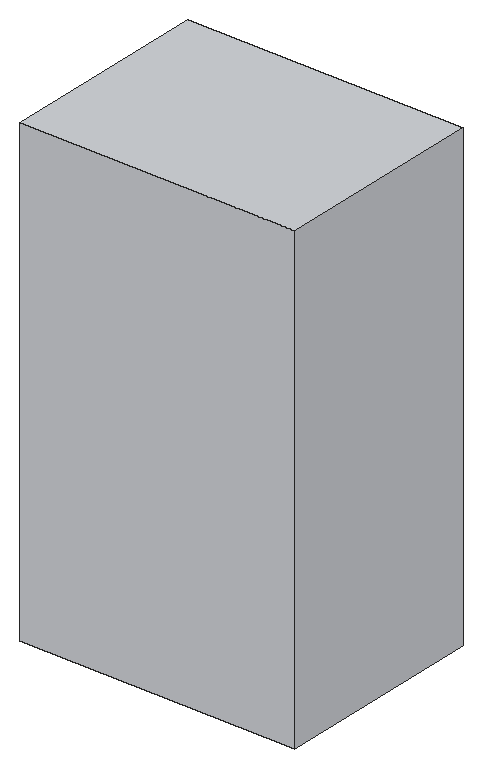
Revit family
Parameters
  Warranty Duration (Years) = 0
  Unit Width [instance] = 1' - 0"
  Unit Height [instance] = 1' - 4"
  Unit Depth = 0' - 0 5/8"
  URL = "http://www.americanspecialties.com/viewCategories.cfm"
  Trim Material = Mirror
  Test Data = ""
  Specification = "http://www.arcat.com/sdspecs/htm/10810asi.htm"
  SpecWizard = ""
  Hardware = Metal - Stainless Steel w/satin
  Send Message = "http://www.arcat.com/users.pl?action=UserEmail&company=American%20Specialties,%20Inc.&coid=30448&rep=139&fax=914-476-0688&mf="
  Sales Information = "http://www.americanspecialties.com/contact"
  Revision = "R1_10-2010"
  Mirror Radius = 0' - 0 1/32"
  Product Properties = "http://www.americanspecialties.com/datasheets/105.pdf"
  Product Data = "http://www.arcat.com/arcatcos/cos30/arc30448.html"
  Model = "As Specified in 10 28 13"
  Manufacturer Website = "http://www.americanspecialties.com/viewCategories.cfm"
  Manufacturer Phone - Toll Free = ""
  Manufacturer Phone = "914-476-9000 "
  Manufacturer Fax = "914-476-0688"
  Manufacturer Address = "441 Saw Mill River Rd., Yonkers, NY 10701"
  Manufacturer = "American Specialties, Inc."
  Maintenance Schedule (Months) = 0
  Keynote = "10 28 13"
  Installation-Fabrication = "http://www.americanspecialties.com/products.cfm"
  Green Building-LEED = ""
  Frame radius = 0' - 0 1/32"
  Expected Lifespan (Years) = 0
  Drawn By = "Robert S. Weygant. CSI, CDT, SCIP"  # constant formula
  Description = "Toilet Accessory as Specified in 10 28 13"
  Default Elevation = 4' - 0"
  Copyright = "©Arcat Inc."
  Construction Details = "http://www.arcat.com/green/clients/leed_data_30448.html"
  Building Codes = "http://www.americanspecialties.com/products.cfm"
  Body Material = Metal - Stainless Steel w/satin
  Assembly Code = "C1030210"
Reference planes (in)
  plane 1 "Center (Front/Back)": y = 2.48383
  plane 2 "Floor Line": z = 0
  plane 3 "Center (Left/Right)": x = -0.65843
  plane 4: z = 56
  plane 5: x = -6.65843
  plane 6: x = 5.34157
  plane 7: z = 48
  plane 8: z = 64
  plane 9: y = 10.48383
  plane 10: y = 9.23383
  plane 11: y = -4.26617
  plane 12: y = -5.51617
  plane 13: x = -5.40843
  plane 14: x = 4.09157
  plane 15: z = 0.59375
  plane 16: z = 0.625
  plane 17: z = 0.29687
Forms (in)
  Extrusion 1, solid
    sketch origin (-3, -9, -5.375) x (0, 0, -1) y (1, 0, 0)
      loop
        line (-82, 26) -> (-82, -19.34712) -> (-5.375, -19.34712) -> (-5.375, 26) -> (-82, 26)
    from 9 to -25.60721
  Extrusion 2, solid, material "Metal - Stainless Steel w/satin" <- "Body Material"
    sketch origin (0, 0, 0) x (1, 0, 0) y (0, 1, 0)
      loop
        arc (-6.62718, 10.48383) -> (-6.64928, 10.47467) -> (-6.65843, 10.45258) r 0.03125
        line (-6.65843, 10.45258) -> (-6.65843, -5.48492)
        arc (-6.65843, -5.48492) -> (-6.64928, -5.50702) -> (-6.62718, -5.51617) r 0.03125
        line (-6.62718, -5.51617) -> (5.31032, -5.51617)
        arc (5.31032, -5.51617) -> (5.33241, -5.50702) -> (5.34157, -5.48492) r 0.03125
        line (5.34157, -5.48492) -> (5.34157, 10.45258)
        arc (5.34157, 10.45258) -> (5.33241, 10.47467) -> (5.31032, 10.48383) r 0.03125
        line (5.31032, 10.48383) -> (-6.62718, 10.48383)
    from 0 to 0.59375
  Extrusion 3, void
    sketch origin (0, 0, 0) x (1, 0, 0) y (0, 1, 0)
      loop
        arc (-5.37718, 9.23383) -> (-5.39928, 9.22467) -> (-5.40843, 9.20258) r 0.03125
        line (-5.40843, 9.20258) -> (-5.40843, -4.23492)
        arc (-5.40843, -4.23492) -> (-5.39928, -4.25702) -> (-5.37718, -4.26617) r 0.03125
        line (-5.37718, -4.26617) -> (4.06032, -4.26617)
        arc (4.06032, -4.26617) -> (4.08241, -4.25702) -> (4.09157, -4.23492) r 0.03125
        line (4.09157, -4.23492) -> (4.09157, 9.20258)
        arc (4.09157, 9.20258) -> (4.08241, 9.22467) -> (4.06032, 9.23383) r 0.03125
        line (4.06032, 9.23383) -> (-5.37718, 9.23383)
    from 0 to 1.55257
  Extrusion 4, solid, material "Mirror" <- "Trim Material"
    sketch origin (0, 0, 0) x (1, 0, 0) y (0, 1, 0)
      loop
        arc (-5.37718, 9.23383) -> (-5.39928, 9.22467) -> (-5.40843, 9.20258) r 0.03125
        line (-5.40843, 9.20258) -> (-5.40843, -4.23492)
        arc (-5.40843, -4.23492) -> (-5.39928, -4.25702) -> (-5.37718, -4.26617) r 0.03125
        line (-5.37718, -4.26617) -> (4.06032, -4.26617)
        arc (4.06032, -4.26617) -> (4.08241, -4.25702) -> (4.09157, -4.23492) r 0.03125
        line (4.09157, -4.23492) -> (4.09157, 9.20258)
        arc (4.09157, 9.20258) -> (4.08241, 9.22467) -> (4.06032, 9.23383) r 0.03125
        line (4.06032, 9.23383) -> (-5.37718, 9.23383)
    from 0 to 0.29687
  Extrusion 5, solid, material "Metal - Stainless Steel w/satin" <- "Hardware"
    sketch origin (0, 0, 0) x (1, 0, 0) y (0, 1, 0)
      loop
        circle (-0.65843, 9.85883) r 0.25
      loop
        circle (-6.01747, -1.51617) r 0.25
      loop
        circle (-6.01747, 6.48383) r 0.25
      loop
        circle (4.70061, -1.51617) r 0.25
      loop
        circle (4.70061, 6.48383) r 0.25
      loop
        circle (-0.65843, -4.89117) r 0.25
    from 0.59375 to 0.625
Cuts and joins
  Extrusion 3 cuts Extrusion 2
Dimensions and locks (in)
  equal spacing: plane 8, plane 4, plane 7
  "Unit Width": plane 6 to plane 5
  "Unit Height": plane 8 to plane 7
  "Default Elevation": plane 7 to plane 2 "Floor Line"
  equal spacing: plane 6, plane 3 "Center (Left/Right)", plane 5
  locked: plane 5 to plane 13 at 1.25
  locked: plane 9 to plane 10 at 1.25
  locked: plane 14 to plane 6 at 1.25
  locked: plane 11 to plane 12 at 1.25
  "Unit Height": plane 9 to plane 12
  equal spacing: plane 9, plane 1 "Center (Front/Back)", plane 12
  locked: plane 16 to plane 15 at 0.03125
  equal spacing: plane 15, plane 17, level
  "Unit Depth": plane 16 to plane 2 "Floor Line"
  "Mirror Radius": radius of Extrusion 3 sketch curve  (x4)
  "Frame radius": radius of Extrusion 2 sketch curve  (x4)
  "Mirror Radius": radius of Extrusion 4 sketch curve  (x4)
  aligned and locked: Extrusion 2 sketch curve to plane 9
  aligned and locked: Extrusion 2 sketch curve to plane 6
  aligned and locked: Extrusion 3 sketch curve to plane 10
  aligned and locked: Extrusion 3 sketch curve to plane 14
  aligned and locked: cut or joined group of Extrusion 2, Extrusion 3 to cut or joined group of Extrusion 2, Extrusion 3
  aligned and locked: Extrusion 4 sketch curve to cut or joined group of Extrusion 2, Extrusion 3  (x2)
  aligned and locked: plane 15 to cut or joined group of Extrusion 2, Extrusion 3
  aligned and locked: Extrusion 5 to cut or joined group of Extrusion 2, Extrusion 3
  aligned and locked: plane 2 "Floor Line" to level
  aligned and locked: cut or joined group of Extrusion 2, Extrusion 3 to plane 2 "Floor Line"
  aligned and locked: Extrusion 1 to level
  aligned and locked: plane 16 to Extrusion 5
  aligned and locked: Extrusion 4 to plane 2 "Floor Line"
  aligned and locked: plane 2 "Floor Line" to cut or joined group of Extrusion 2, Extrusion 3  (x2)
  aligned and locked: plane 17 to Extrusion 4
Automatic sketch dimensions
  Extrusion 1 sketch curve to Extrusion 1 sketch curve = 6' - 4 5/8"
  Extrusion 1 sketch curve to Extrusion 1 sketch curve = 3' - 9.34712"
  Extrusion 3 sketch curve to plane 13 = 0' - 0"
  Extrusion 3 sketch curve to plane 11 = 0' - 0"
  Extrusion 2 sketch curve to plane 5 = 0' - 0"
  Extrusion 2 sketch curve to plane 12 = 0' - 0"
  Extrusion 4 sketch curve to plane 13 = 0' - 0"
  Extrusion 4 sketch curve to plane 11 = 0' - 0"
  Extrusion 5 sketch curve to plane 13 = 0' - 0.60904"  (x2)
  plane 14 to Extrusion 5 sketch curve = 0' - 0.60904"  (x2)
  Extrusion 5 sketch curve to plane 11 = 0' - 0 5/8"
  plane 11 to Extrusion 5 sketch curve = 0' - 2 3/4"  (x2)
  Extrusion 5 sketch curve to plane 10 = 0' - 2 3/4"  (x2)
  Extrusion 5 sketch curve to plane 9 = 0' - 0 5/8"
  plane 3 "Center (Left/Right)" to Extrusion 5 sketch curve = 0' - 0"  (x2)
  radius of Extrusion 5 sketch curve = 0' - 0 1/4"  (x6)
